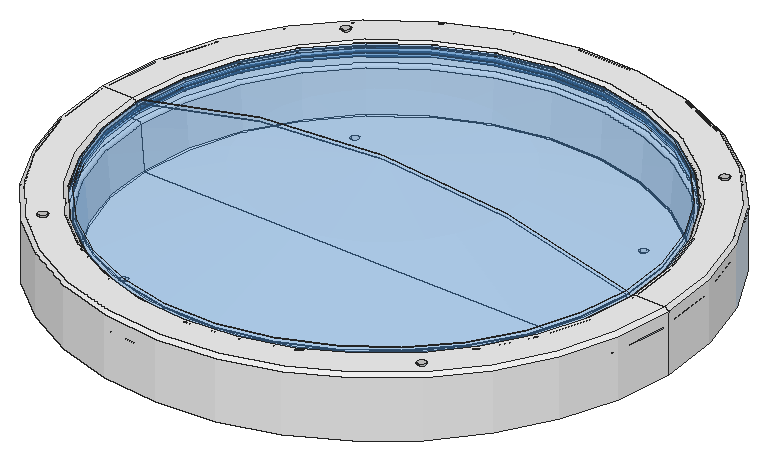
Revit family "BE_24230_de_DE", category Leuchten, Revit 2015
Parameters (values of type "BEGA_24230_Weiß_K4")
  built-in parameter 1150104 = 12.979 (stored number, unit not read)
  Wattage = 48.4 W
  Default Elevation = 0 mm
  built-in parameter 1150113 = 1 (stored number, unit not read)
  built-in parameter 1114218 = 1 (stored number, unit not read)
  Umgebungstemperatur = "25 °C"
  URL = "http://www.bega.de/produkt/24230"
  Typenkommentare = "© 2017 BEGA. Wir behalten uns das Recht vor, technische Änderungen ohne vorherige Ankündigung vorzunehmen."  # constant formula
  Type Image = 24230.png
  built-in parameter 1150134 = 12
  built-in parameter 1150109 = 1 (stored number, unit not read)
  Strom = ""
  built-in parameter 1150110 = 1 (stored number, unit not read)
  Spannung = 239.996 V
  Sonderanfertigung = no
  Seriennummer [instance] = "Hier können Sie die eindeutige Seriennummer für das Facility Management eintragen."
  Schutzklasse = "I"
  Schutzart = "IP 65"
  Scheinlast = 0 VA
  Produktdatenblatt = "http://www.bega.de/download/Xrfa/db/24230.db.de.pdf"
  Oberflächentemperatur = ""
  Neigungswinkel = 0.00°
  Modell = "24230WK4"
  Material_17 = BEGA_Reflektor
  Material_15 = BEGA_Leuchtmedium_matt
  Material_13 = BEGA_Kunststoff_matt
  Material_11 = BEGA_Glas_opal
  Material_09 = BEGA_Glas_klar
  Material_06 = BEGA_Oberfläche_Edelstahl_gebürstet
  Material_03 = BEGA_Oberfläche_Weiss_matt
  Material_02 = BEGA_Oberfläche_Silber_matt
  Material_01 [instance] = BEGA_Oberfläche_Grafit_matt
  M_W = yes
  M_G = no
  M_A = no
  Logo = 0
  built-in parameter 1114217 = 1 (stored number, unit not read)
  built-in parameter 1150139 = (empty or 0)
  built-in parameter 1150105 = 2300.4 (stored number, unit not read)
  built-in parameter 1150114 = 1 (stored number, unit not read)
  Lumens = 6761.48 lm
  built-in parameter 1150115 = 1 (stored number, unit not read)
  Leuchtenlichtstrom = "5355 lm"
  Leuchtenanzahl = ""
  Lebensdauerkriterien = "L70B50 @ 25 °C = 500000 h"
  Lastklassifizierung = Beleuchtung
  built-in parameter 1150112 = 1 (stored number, unit not read)
  Lampenlichtstrom = "6760 lm"
  Lampe = "LED 48.4 W"
  LED_Modulbezeichnung = "4x LED-0567/840"
  built-in parameter 1150142 = (empty or 0)
  Hersteller = "BEGA"  # constant formula
  Halbstreuwinkel = ""
  Gewicht = "9.4 kg"
  Gebrauchslageneinschränkung [instance] = ""
  Frequenz = "0/50-60 Hz"
  Farbwiedergabeindex = "Ra > 80"
  Farbtemperaturverschiebung bei Dämpfen der Lampe = <Keine Auswahl>
  Farbtemperatur = "4000 K"
  Color Filter = 16777215
  built-in parameter 1150133 = 10 (stored number, unit not read)
  Energieeffizienzklasse = "LED A++ - A"
  built-in parameter 1150137 = (empty or 0)
  built-in parameter 1150132 = (empty or 0)
  ENEC = ""
  Dimmbar [instance] = "DALI"
  Datei für fotometrisches Netz = "BE_24230K4.IES"
  CE_Konformität = "ja"
  Bestellnummer = "24230WK4"
  Beschreibung_Sonderanfertigung = "Hier können Sie Informationen zur Sonderanfertigung eintragen."
  Beschreibung = "Großflächenleuchte"
  built-in parameter 1150106 = 23.004 (stored number, unit not read)
  Befestigungsbohrung = "Ø 9,2 mm"
  Befestigungsabstand = "340 x 340 mm"
  Ballwurfsicher = ""
  BEGA_Intern_aus = yes
  BEGA_Intern_an = yes
  BEGA_Intern_Konstruktion = yes
  BEGA_Intern = yes
  BEGA_IES = yes
  BEGA_Dummy = no
  Anschlussleitung = ""
  Anschlussleistung [instance] = "55 W"
  Anschlusskasten = ""
  built-in parameter 1150107 = 4000 (stored number, unit not read)
  built-in parameter 1150102 = (empty or 0)
  built-in parameter 1150138 = (empty or 0)
  Aktualisierung = "2017-07-13T04:09:10"
  Abstand_zur_angestrahlten_Fläche [instance] = ""
  AC/DC = "AC/DC"
Types (6, lengths in mm): name | built-in parameter 1150104 | Wattage | built-in parameter 1150134 | Modell | M_W | M_G | M_A | built-in parameter 1150105 | Lumens | LED_Modulbezeichnung | Farbtemperatur | Datei für fotometrisches Netz | Bestellnummer | built-in parameter 1150106 | built-in parameter 1150107
  BEGA_24230_Grafit_K3 | 12.979 (stored number, unit not read) | 48.4 W | (empty or 0) | "24230" | no | yes | no | 2300.4 (stored number, unit not read) | 6761.48 lm | "4x LED-0567/830" | "3000 K" | "BE_24230.IES" | "24230" | 23.004 (stored number, unit not read) | 3000 (stored number, unit not read)
  BEGA_24230_Weiß_K3 | 12.979 (stored number, unit not read) | 48.4 W | (empty or 0) | "24230W" | yes | no | no | 2300.4 (stored number, unit not read) | 6761.48 lm | "4x LED-0567/830" | "3000 K" | "BE_24230.IES" | "24230W" | 23.004 (stored number, unit not read) | 3000 (stored number, unit not read)
  BEGA_24230_Grafit_K4 | 13.8 (stored number, unit not read) | 0 W | 12 | "24230K4" | no | yes | no | (empty or 0) | 0 lm | "4x LED-0567/840" | "4000 K" | "BE_24230K4.IES" | "24230K4" | (empty or 0) | 4000 (stored number, unit not read)
  BEGA_24230_Silber_K4 | 12.979 (stored number, unit not read) | 48.4 W | 12 | "24230AK4" | no | no | yes | 2300.4 (stored number, unit not read) | 6761.48 lm | "4x LED-0567/840" | "4000 K" | "BE_24230K4.IES" | "24230AK4" | 23.004 (stored number, unit not read) | 4000 (stored number, unit not read)
  BEGA_24230_Weiß_K4 | 12.979 (stored number, unit not read) | 48.4 W | 12 | "24230WK4" | yes | no | no | 2300.4 (stored number, unit not read) | 6761.48 lm | "4x LED-0567/840" | "4000 K" | "BE_24230K4.IES" | "24230WK4" | 23.004 (stored number, unit not read) | 4000 (stored number, unit not read)
  BEGA_24230_Silber_K3 | 12.979 (stored number, unit not read) | 48.4 W | (empty or 0) | "24230A" | no | no | yes | 2300.4 (stored number, unit not read) | 6761.48 lm | "4x LED-0567/830" | "3000 K" | "BE_24230.IES" | "24230A" | 23.004 (stored number, unit not read) | 3000 (stored number, unit not read)
Reference planes
  plane 1 "Mitte (Vorne/Hinten)": y = 0
  plane 2: z = 0
  plane 3 "Mitte (Links/Rechts)": x = 0
  plane 4 "Links": x = -335
  plane 5 "Rechts": x = 335
  plane 6 "Unten": y = -335
  plane 7 "Oben": y = 335
  plane 8 "Vorne": z = 121.545
  plane 9 "Hinten": z = 0
Forms (mm)
  Extrusion 1, solid, material "BEGA_Platte_Weiss"
    sketch origin (0, -1119.2, 0) x (1, 0, 0) y (0, 1, 0)
      loop
        line (-200, 1319.2) -> (-200, 919.2) -> (200, 919.2) -> (200, 1319.2) -> (-200, 1319.2)
    from 0 to -10
  Extrusion 2, solid, material "BEGA_Dummy_matt", visible <- "BEGA_Dummy"
    sketch origin (77.149, -76.023, 0) x (1, 0, 0) y (0, 1, 0)
      loop
        circle (-77.149, 76.023) r 335
    from 0 to 121.545
Dimensions and locks
  plane 1 "Mitte (Vorne/Hinten)" to Extrusion 1 = 200 mm
  aligned and locked: plane 2 to Extrusion 1
  aligned and locked: level to Extrusion 1
Nested families
  nested 1: "BE_24230" at (0, 0, 0), type "BE_24230"
Connectors
  electrical at (0, 0, 0), driven by "Lastklassifizierung", driven by "Spannung", driven by "Scheinlast"
    settings: index 1, voltage 239.996 V, apparent load 0 VA, apparent load phase1 0 VA, apparent load phase2 0 VA, apparent load phase3 0 VA, power factor 1, load classification "Beleuchtung", number of poles 1, system type 31, power factor state 1, is connector primary yes, connector utility no, sub classification motor no, connector description ""
Definition of nested family "BE_24230"
  Parameters (values of type "BE_24230")
    Default Elevation = 1 mm
    URL = "http://www.bega.de/de/produkt"
    Type Comments = "© 2015 BEGA. Wir behalten uns das Recht vor, technische Änderungen ohne vorherige Ankündigung vorzunehmen. "  # constant formula
    Type Image = (empty or 0)
    Neigungswinkel_um_Z2 = 0.00°
    Neigungswinkel_um_Z1 = 0.00°
    Neigungswinkel_um_Y2 = 0.00°
    Neigungswinkel_um_Y1 = 0.00°
    Neigungswinkel_um_X2 = 0.00°
    Neigungswinkel_um_X1 = 0.00°
    Material_17 = none
    Material_15 = none
    Material_13 = none
    Material_11 = none
    Material_09 = none
    Material_06 = none
    Material_03 = none
    Material_02 = none
    Material_01 = none
    M_W = yes
    M_G = yes
    M_A = yes
    Länge_Platte = 800 mm  # constant formula
    Höhe_Platte = -10 mm  # constant formula
    Manufacturer = "BEGA"  # constant formula
    Drehwinkel_um_Z2 = 0.00°
    Drehwinkel_um_Z1 = 0.00°
    Breite_Platte = 800 mm  # constant formula
  Reference planes
    plane 1 "Mitte (Oben/Unten)": y = 0
    plane 2: z = 0
    plane 3 "Mitte (Links/Rechts)": x = 0
    plane 4: x = -335
    plane 5: x = 335
    plane 6: z = 121.545
    plane 7: y = -335
    plane 8: y = 335
  Forms (mm)
    Extrusion 1, solid, detail levels medium
      sketch origin (0, 0, 0) x (1, 0, 0) y (0, 1, 0)
        loop
          line (-400, 400) -> (-400, -400) -> (400, -400) -> (400, 400) -> (-400, 400)
      from 0 to -10 <- "Höhe_Platte"
    Revolve 2, solid, material <- "Material_01", visible <- "M_G", detail levels medium+fine
      sketch origin (0, 0, 0) x (1, 0, 0) y (0, 0, 1)
        loop
          arc (-330, 58.996) -> (-328.532, 55.461) -> (-324.996, 54) r 5
          line (-324.996, 54) -> (-290.164, 54)
          arc (-290.164, 54) -> (-289.505, 53.752) -> (-289.173, 53.131) r 1
          line (-289.173, 53.131) -> (-285.107, 6.651)
          arc (-285.107, 6.651) -> (-283.827, 4.054) -> (-281.13, 3) r 4
          line (-281.13, 3) -> (0, 3) -> (0, 6) -> (-281.124, 6)
          arc (-281.124, 6) -> (-281.798, 6.263) -> (-282.118, 6.913) r 1
          line (-282.118, 6.913) -> (-286.181, 53.349)
          arc (-286.181, 53.349) -> (-287.46, 55.946) -> (-290.157, 57) r 4
          line (-290.157, 57) -> (-325, 57)
          arc (-325, 57) -> (-326.414, 57.586) -> (-327, 59) r 2
          line (-327, 59) -> (-327, 61)
          arc (-327, 61) -> (-327.293, 61.707) -> (-328, 62) r 1
          line (-328, 62) -> (-329, 62)
          arc (-329, 62) -> (-329.707, 61.707) -> (-330, 61) r 1
          line (-330, 61) -> (-330, 58.996)
        axis (0, 3) -> (0, 62)
      angle from 0 to 360
    Revolve 3, solid, material <- "Material_01", visible <- "M_G", detail levels medium+fine
      sketch origin (0, 169.706, 0) x (1, 0, 0) y (0, 0, 1)
        loop
          arc (-190.877, 1.172) -> (-189.579, 0.304) -> (-188.049, 0) r 4
          line (-188.049, 0) -> (-169.706, 0) -> (-169.706, 3) -> (-194.362, 3)
          arc (-194.362, 3) -> (-192.84, 2.699) -> (-191.546, 1.841) r 4
          line (-191.546, 1.841) -> (-190.877, 1.172)
        axis (-169.706, 3) -> (-169.706, 0)
      angle from 0 to 360
    Extrusion 4, void
      sketch origin (0, 0, 0) x (1, 0, 0) y (0, 1, 0)
        loop
          circle (-169.706, 169.706) r 4.6
      from 0 to 12.357
    Revolve 5, solid, material <- "Material_01", visible <- "M_G", detail levels medium+fine
      sketch origin (0, 169.706, 0) x (-1, 0, 0) y (0, 0, -1)
        loop
          line (-190.877, -1.172) -> (-191.546, -1.841)
          arc (-191.546, -1.841) -> (-192.84, -2.699) -> (-194.362, -3) r 4
          line (-194.362, -3) -> (-169.706, -3) -> (-169.706, 0) -> (-188.049, 0)
          arc (-188.049, 0) -> (-189.579, -0.304) -> (-190.877, -1.172) r 4
        axis (-169.706, -3) -> (-169.706, 0)
      angle from 0 to 360
    Extrusion 6, void
      sketch origin (0, 0, 0) x (-1, 0, 0) y (0, -1, 0)
        loop
          circle (-169.706, -169.706) r 4.6
      from 0 to 12.357
    Revolve 7, solid, material <- "Material_01", visible <- "M_G", detail levels medium+fine
      sketch origin (0, -169.706, 0) x (1, 0, 0) y (0, 0, -1)
        loop
          line (-190.877, -1.172) -> (-191.546, -1.841)
          arc (-191.546, -1.841) -> (-192.84, -2.699) -> (-194.362, -3) r 4
          line (-194.362, -3) -> (-169.706, -3) -> (-169.706, 0) -> (-188.049, 0)
          arc (-188.049, 0) -> (-189.579, -0.304) -> (-190.877, -1.172) r 4
        axis (-169.706, -3) -> (-169.706, 0)
      angle from 0 to 360
    Extrusion 8, void
      sketch origin (0, 0, 0) x (1, 0, 0) y (0, 1, 0)
        loop
          circle (-169.706, -169.706) r 4.6
      from 0 to 12.357
    Revolve 9, solid, material <- "Material_01", visible <- "M_G", detail levels medium+fine
      sketch origin (0, -169.706, 0) x (-1, 0, 0) y (0, 0, 1)
        loop
          arc (-190.877, 1.172) -> (-189.579, 0.304) -> (-188.049, 0) r 4
          line (-188.049, 0) -> (-169.706, 0) -> (-169.706, 3) -> (-194.362, 3)
          arc (-194.362, 3) -> (-192.84, 2.699) -> (-191.546, 1.841) r 4
          line (-191.546, 1.841) -> (-190.877, 1.172)
        axis (-169.706, 3) -> (-169.706, 0)
      angle from 0 to 360
    Extrusion 10, void
      sketch origin (0, 0, 0) x (-1, 0, 0) y (0, -1, 0)
        loop
          circle (-169.706, 169.706) r 4.6
      from 0 to 12.357
    Revolve 11, solid, material <- "Material_01", visible <- "M_G", detail levels medium+fine
      sketch origin (0, 0, 0) x (1, 0, 0) y (0, 0, 1)
        loop
          line (-335, 74.926) -> (-335, 9) -> (-332, 9) -> (-332, 75)
          arc (-332, 75) -> (-331.707, 75.707) -> (-331, 76) r 1
          line (-331, 76) -> (-294.847, 75.988)
          arc (-294.847, 75.988) -> (-294.241, 75.651) -> (-294, 75) r 1
          line (-294, 75) -> (-294, 69.5) -> (-291, 69.5) -> (-291, 75) -> (-295, 79) -> (-330.926, 79) -> (-335, 74.926)
        axis (0, 9) -> (0, 79)
      angle from 0 to 360
    Revolve 12, solid, material <- "Material_13", detail levels medium+fine
      sketch origin (0, 0, 0) x (1, 0, 0) y (0, 0, 1)
        loop
          arc (0, 121.548) -> (-144.373, 111.07) -> (-285.722, 79.858) r 999.994
          arc (-285.722, 79.858) -> (-288.728, 77.811) -> (-290, 74.403) r 6
          line (-290, 74.403) -> (-290, 68.4)
          arc (-290, 68.4) -> (-290.586, 66.986) -> (-292, 66.4) r 2
          line (-292, 66.4) -> (-302, 66.4) -> (-302, 62.4) -> (-293, 62.4)
          arc (-293, 62.4) -> (-288.05, 64.453) -> (-286, 69.403) r 7
          line (-286, 69.403) -> (-286, 74.914)
          arc (-286, 74.914) -> (-285.786, 75.476) -> (-285.288, 75.813) r 1
          arc (-285.288, 75.813) -> (-144.162, 107.058) -> (0, 117.546) r 995.993
          line (0, 117.546) -> (0, 121.548)
        axis (0, 62.4) -> (0, 121.548)
      angle from 0 to 360
    Revolve 13, void
      sketch origin (0, 0, 27.13) x (1, 0, 0) y (0, 1, 0)
        loop
          line (246.242, -114.825) -> (244.425, -118.722) -> (280.031, -135.325) -> (281.848, -131.428) -> (246.242, -114.825)
        axis (246.242, -114.825) -> (281.848, -131.428)
      angle from 0 to 360
    Revolve 14, void
      sketch origin (-16.646, 23.773, 27.13) x (0.996195, 0.087156, 0) y (-0.087156, 0.996195, 0)
        loop
          line (235.001, -179.522) -> (232.534, -183.044) -> (264.716, -205.578) -> (267.182, -202.056) -> (235.001, -179.522)
        axis (235.001, -179.522) -> (267.182, -202.056)
      angle from 0 to 360
    Extrusion 15, void
      sketch origin (0, 0, 0) x (1, 0, 0) y (0, 1, 0)
        loop
          circle (222.739, 222.739) r 5.5
        loop
          circle (-222.739, 222.739) r 5.5
        loop
          circle (222.739, -222.739) r 5.5
        loop
          circle (-222.739, -222.739) r 5.5
      from 76.289 to 83.761
    Extrusion 16, solid, material <- "Material_06", detail levels fine
      sketch origin (0, 0, 0) x (1, 0, 0) y (0, 1, 0)
        loop
          circle (222.739, 222.739) r 4.5
        loop
          circle (-222.739, 222.739) r 4.5
        loop
          circle (222.739, -222.739) r 4.5
        loop
          circle (-222.739, -222.739) r 4.5
      from 76.289 to 80
    Revolve 17, solid, material <- "Material_02", visible <- "M_A", detail levels medium+fine
      sketch origin (0, 0, 0) x (1, 0, 0) y (0, 0, 1)
        loop
          arc (-330, 58.996) -> (-328.532, 55.461) -> (-324.996, 54) r 5
          line (-324.996, 54) -> (-290.164, 54)
          arc (-290.164, 54) -> (-289.505, 53.752) -> (-289.173, 53.131) r 1
          line (-289.173, 53.131) -> (-285.107, 6.651)
          arc (-285.107, 6.651) -> (-283.827, 4.054) -> (-281.13, 3) r 4
          line (-281.13, 3) -> (0, 3) -> (0, 6) -> (-281.124, 6)
          arc (-281.124, 6) -> (-281.798, 6.263) -> (-282.118, 6.913) r 1
          line (-282.118, 6.913) -> (-286.181, 53.349)
          arc (-286.181, 53.349) -> (-287.46, 55.946) -> (-290.157, 57) r 4
          line (-290.157, 57) -> (-325, 57)
          arc (-325, 57) -> (-326.414, 57.586) -> (-327, 59) r 2
          line (-327, 59) -> (-327, 61)
          arc (-327, 61) -> (-327.293, 61.707) -> (-328, 62) r 1
          line (-328, 62) -> (-329, 62)
          arc (-329, 62) -> (-329.707, 61.707) -> (-330, 61) r 1
          line (-330, 61) -> (-330, 58.996)
        axis (0, 3) -> (0, 62)
      angle from 0 to 360
    Revolve 18, solid, material <- "Material_02", visible <- "M_A", detail levels medium+fine
      sketch origin (0, 169.706, 0) x (1, 0, 0) y (0, 0, 1)
        loop
          arc (-190.877, 1.172) -> (-189.579, 0.304) -> (-188.049, 0) r 4
          line (-188.049, 0) -> (-169.706, 0) -> (-169.706, 3) -> (-194.362, 3)
          arc (-194.362, 3) -> (-192.84, 2.699) -> (-191.546, 1.841) r 4
          line (-191.546, 1.841) -> (-190.877, 1.172)
        axis (-169.706, 3) -> (-169.706, 0)
      angle from 0 to 360
    Revolve 19, solid, material <- "Material_02", visible <- "M_A", detail levels medium+fine
      sketch origin (0, 169.706, 0) x (-1, 0, 0) y (0, 0, -1)
        loop
          line (-190.877, -1.172) -> (-191.546, -1.841)
          arc (-191.546, -1.841) -> (-192.84, -2.699) -> (-194.362, -3) r 4
          line (-194.362, -3) -> (-169.706, -3) -> (-169.706, 0) -> (-188.049, 0)
          arc (-188.049, 0) -> (-189.579, -0.304) -> (-190.877, -1.172) r 4
        axis (-169.706, -3) -> (-169.706, 0)
      angle from 0 to 360
    Revolve 20, solid, material <- "Material_02", visible <- "M_A", detail levels medium+fine
      sketch origin (0, -169.706, 0) x (1, 0, 0) y (0, 0, -1)
        loop
          line (-190.877, -1.172) -> (-191.546, -1.841)
          arc (-191.546, -1.841) -> (-192.84, -2.699) -> (-194.362, -3) r 4
          line (-194.362, -3) -> (-169.706, -3) -> (-169.706, 0) -> (-188.049, 0)
          arc (-188.049, 0) -> (-189.579, -0.304) -> (-190.877, -1.172) r 4
        axis (-169.706, -3) -> (-169.706, 0)
      angle from 0 to 360
    Revolve 21, solid, material <- "Material_02", visible <- "M_A", detail levels medium+fine
      sketch origin (0, -169.706, 0) x (-1, 0, 0) y (0, 0, 1)
        loop
          arc (-190.877, 1.172) -> (-189.579, 0.304) -> (-188.049, 0) r 4
          line (-188.049, 0) -> (-169.706, 0) -> (-169.706, 3) -> (-194.362, 3)
          arc (-194.362, 3) -> (-192.84, 2.699) -> (-191.546, 1.841) r 4
          line (-191.546, 1.841) -> (-190.877, 1.172)
        axis (-169.706, 3) -> (-169.706, 0)
      angle from 0 to 360
    Revolve 22, solid, material <- "Material_03", visible <- "M_W", detail levels medium+fine
      sketch origin (0, 0, 0) x (1, 0, 0) y (0, 0, 1)
        loop
          arc (-330, 58.996) -> (-328.532, 55.461) -> (-324.996, 54) r 5
          line (-324.996, 54) -> (-290.164, 54)
          arc (-290.164, 54) -> (-289.505, 53.752) -> (-289.173, 53.131) r 1
          line (-289.173, 53.131) -> (-285.107, 6.651)
          arc (-285.107, 6.651) -> (-283.827, 4.054) -> (-281.13, 3) r 4
          line (-281.13, 3) -> (0, 3) -> (0, 6) -> (-281.124, 6)
          arc (-281.124, 6) -> (-281.798, 6.263) -> (-282.118, 6.913) r 1
          line (-282.118, 6.913) -> (-286.181, 53.349)
          arc (-286.181, 53.349) -> (-287.46, 55.946) -> (-290.157, 57) r 4
          line (-290.157, 57) -> (-325, 57)
          arc (-325, 57) -> (-326.414, 57.586) -> (-327, 59) r 2
          line (-327, 59) -> (-327, 61)
          arc (-327, 61) -> (-327.293, 61.707) -> (-328, 62) r 1
          line (-328, 62) -> (-329, 62)
          arc (-329, 62) -> (-329.707, 61.707) -> (-330, 61) r 1
          line (-330, 61) -> (-330, 58.996)
        axis (0, 3) -> (0, 62)
      angle from 0 to 360
    Revolve 23, solid, material <- "Material_03", visible <- "M_W", detail levels medium+fine
      sketch origin (0, 169.706, 0) x (1, 0, 0) y (0, 0, 1)
        loop
          arc (-190.877, 1.172) -> (-189.579, 0.304) -> (-188.049, 0) r 4
          line (-188.049, 0) -> (-169.706, 0) -> (-169.706, 3) -> (-194.362, 3)
          arc (-194.362, 3) -> (-192.84, 2.699) -> (-191.546, 1.841) r 4
          line (-191.546, 1.841) -> (-190.877, 1.172)
        axis (-169.706, 3) -> (-169.706, 0)
      angle from 0 to 360
    Revolve 24, solid, material <- "Material_03", visible <- "M_W", detail levels medium+fine
      sketch origin (0, 169.706, 0) x (-1, 0, 0) y (0, 0, -1)
        loop
          line (-190.877, -1.172) -> (-191.546, -1.841)
          arc (-191.546, -1.841) -> (-192.84, -2.699) -> (-194.362, -3) r 4
          line (-194.362, -3) -> (-169.706, -3) -> (-169.706, 0) -> (-188.049, 0)
          arc (-188.049, 0) -> (-189.579, -0.304) -> (-190.877, -1.172) r 4
        axis (-169.706, -3) -> (-169.706, 0)
      angle from 0 to 360
    Revolve 25, solid, material <- "Material_03", visible <- "M_W", detail levels medium+fine
      sketch origin (0, -169.706, 0) x (1, 0, 0) y (0, 0, -1)
        loop
          line (-190.877, -1.172) -> (-191.546, -1.841)
          arc (-191.546, -1.841) -> (-192.84, -2.699) -> (-194.362, -3) r 4
          line (-194.362, -3) -> (-169.706, -3) -> (-169.706, 0) -> (-188.049, 0)
          arc (-188.049, 0) -> (-189.579, -0.304) -> (-190.877, -1.172) r 4
        axis (-169.706, -3) -> (-169.706, 0)
      angle from 0 to 360
    Revolve 26, solid, material <- "Material_03", visible <- "M_W", detail levels medium+fine
      sketch origin (0, -169.706, 0) x (-1, 0, 0) y (0, 0, 1)
        loop
          arc (-190.877, 1.172) -> (-189.579, 0.304) -> (-188.049, 0) r 4
          line (-188.049, 0) -> (-169.706, 0) -> (-169.706, 3) -> (-194.362, 3)
          arc (-194.362, 3) -> (-192.84, 2.699) -> (-191.546, 1.841) r 4
          line (-191.546, 1.841) -> (-190.877, 1.172)
        axis (-169.706, 3) -> (-169.706, 0)
      angle from 0 to 360
    Revolve 27, solid, material <- "Material_02", visible <- "M_A", detail levels medium+fine
      sketch origin (0, 0, 0) x (1, 0, 0) y (0, 0, 1)
        loop
          line (-335, 74.926) -> (-335, 9) -> (-332, 9) -> (-332, 75)
          arc (-332, 75) -> (-331.707, 75.707) -> (-331, 76) r 1
          line (-331, 76) -> (-294.847, 75.988)
          arc (-294.847, 75.988) -> (-294.241, 75.651) -> (-294, 75) r 1
          line (-294, 75) -> (-294, 69.5) -> (-291, 69.5) -> (-291, 75) -> (-295, 79) -> (-330.926, 79) -> (-335, 74.926)
        axis (0, 9) -> (0, 79)
      angle from 0 to 360
    Revolve 28, solid, material <- "Material_03", visible <- "M_W", detail levels medium+fine
      sketch origin (0, 0, 0) x (1, 0, 0) y (0, 0, 1)
        loop
          line (-335, 74.926) -> (-335, 9) -> (-332, 9) -> (-332, 75)
          arc (-332, 75) -> (-331.707, 75.707) -> (-331, 76) r 1
          line (-331, 76) -> (-294.847, 75.988)
          arc (-294.847, 75.988) -> (-294.241, 75.651) -> (-294, 75) r 1
          line (-294, 75) -> (-294, 69.5) -> (-291, 69.5) -> (-291, 75) -> (-295, 79) -> (-330.926, 79) -> (-335, 74.926)
        axis (0, 9) -> (0, 79)
      angle from 0 to 360
  Cuts and joins
    Extrusion 4, Extrusion 6, Extrusion 8, Extrusion 10, Revolve 13, Revolve 14, Extrusion 15 cuts Revolve 2
    Extrusion 4, Extrusion 6, Extrusion 8, Extrusion 10, Revolve 13, Revolve 14, Extrusion 15 cuts Revolve 3
    Extrusion 6, Extrusion 10, Revolve 13, Revolve 14, Extrusion 15 cuts Revolve 5
    Extrusion 8, Revolve 13, Revolve 14, Extrusion 15 cuts Revolve 7
    Extrusion 10, Revolve 13, Revolve 14, Extrusion 15 cuts Revolve 9
    joined: Revolve 2, Revolve 3, Revolve 5, Revolve 7, Revolve 9
    Extrusion 15 cuts Revolve 11
    Extrusion 4, Extrusion 6, Extrusion 8, Extrusion 10, Revolve 13, Revolve 14 cuts Revolve 17
    Extrusion 4 cuts Revolve 18
    Extrusion 6 cuts Revolve 19
    Extrusion 8 cuts Revolve 20
    Extrusion 10 cuts Revolve 21
    joined: Revolve 17, Revolve 18, Revolve 19, Revolve 20, Revolve 21
    Extrusion 4, Extrusion 6, Extrusion 8, Extrusion 10, Revolve 13, Revolve 14 cuts Revolve 22
    Extrusion 4 cuts Revolve 23
    Extrusion 6 cuts Revolve 24
    Extrusion 8 cuts Revolve 25
    Extrusion 10 cuts Revolve 26
    joined: Revolve 22, Revolve 23, Revolve 24, Revolve 25, Revolve 26
    Extrusion 15 cuts Revolve 27
    Extrusion 15 cuts Revolve 28
  Dimensions and locks
    equal spacing: Extrusion 1 sketch curve, plane 3 "Mitte (Links/Rechts)", Extrusion 1 sketch curve
    equal spacing: Extrusion 1 sketch curve, plane 1 "Mitte (Oben/Unten)", Extrusion 1 sketch curve
    "Länge_Platte": Extrusion 1 sketch curve to Extrusion 1 sketch curve
    "Breite_Platte": Extrusion 1 sketch curve to Extrusion 1 sketch curve
    aligned and locked: Extrusion 1 to plane 2
    aligned and locked: level to Extrusion 1
  Automatic sketch dimensions
    Revolve 2 sketch curve to Revolve 2 sketch curve = 0 mm  (x17)
    Revolve 2 sketch curve to plane 3 "Mitte (Links/Rechts)" = 0 mm  (x2)
    level to Revolve 2 sketch curve = 7 mm
    Revolve 2 sketch curve to Revolve 2 sketch curve = 0.002 mm
    Revolve 2 sketch curve to Revolve 2 sketch curve = 0.006 mm
    Revolve 2 sketch curve to Revolve 2 sketch curve = 8.051 mm
    Revolve 2 sketch curve to Revolve 2 sketch curve = 0.984 mm
    Revolve 2 sketch curve to Revolve 2 sketch curve = 0.991 mm
    Revolve 2 sketch curve to Revolve 2 sketch curve = 0.001 mm
    Revolve 2 sketch curve to Revolve 2 sketch curve = 34.831 mm
    Revolve 2 sketch curve to Revolve 2 sketch curve = 0.004 mm
    Revolve 2 sketch curve to Revolve 2 sketch curve = 2 mm
    Revolve 2 sketch curve to Revolve 2 sketch curve = 1 mm  (x4)
    level to Revolve 2 sketch curve = 3 mm
    Revolve 2 sketch curve to Revolve 2 sketch curve = 46 mm
    Revolve 2 sketch curve to Revolve 2 sketch curve = 0.131 mm
    Revolve 2 sketch curve to Revolve 2 sketch curve = 3 mm
    Revolve 2 sketch curve to Revolve 2 sketch curve = 1.996 mm
    Revolve 2 sketch curve to Revolve 2 sketch curve = 2.004 mm
    Revolve 2 sketch curve to Revolve 2 sketch curve = 0.996 mm
    level to Revolve 2 sketch curve = 6.913 mm
    Revolve 2 sketch curve to Revolve 2 sketch curve = 2.989 mm
    level to Revolve 2 sketch curve = 6.651 mm
    Revolve 2 sketch curve to Revolve 2 sketch curve = 2.992 mm
    Revolve 3 sketch curve to level = 0 mm
    Revolve 3 sketch curve to level = 1 mm
    level to Revolve 3 sketch curve = 1.841 mm
    Revolve 3 sketch curve to Revolve 3 sketch curve = 2.816 mm
    Revolve 3 sketch curve to Revolve 3 sketch curve = 3.498 mm
    Revolve 3 sketch curve to Revolve 3 sketch curve = 18.343 mm
    Revolve 3 sketch curve to Revolve 3 sketch curve = 3 mm
    Revolve 3 sketch curve to Revolve 3 sketch curve = 4 mm
    Revolve 3 sketch curve to Revolve 3 sketch curve = 0 mm  (x3)
    level to Revolve 3 sketch curve = 1.172 mm
    Revolve 3 sketch curve to Revolve 3 sketch curve = 0.669 mm
    Revolve 3 sketch curve to level = 2 mm
    Revolve 3 sketch curve to Revolve 3 sketch curve = 2 mm
    Revolve 5 sketch curve to level = 0 mm
    Revolve 5 sketch curve to level = 1 mm
    level to Revolve 5 sketch curve = 1.841 mm
    Revolve 5 sketch curve to Revolve 5 sketch curve = 2.816 mm
    Revolve 5 sketch curve to Revolve 5 sketch curve = 3.498 mm
    Revolve 5 sketch curve to Revolve 5 sketch curve = 18.343 mm
    Revolve 5 sketch curve to Revolve 5 sketch curve = 3 mm
    Revolve 5 sketch curve to Revolve 5 sketch curve = 4 mm
    Revolve 5 sketch curve to Revolve 5 sketch curve = 0 mm  (x3)
    level to Revolve 5 sketch curve = 1.172 mm
    Revolve 5 sketch curve to Revolve 5 sketch curve = 0.669 mm
    Revolve 5 sketch curve to Revolve 5 sketch curve = 2 mm
    Revolve 5 sketch curve to level = 2 mm
    Revolve 7 sketch curve to level = 0 mm
    Revolve 7 sketch curve to level = 1 mm
    level to Revolve 7 sketch curve = 1.841 mm
    Revolve 7 sketch curve to Revolve 7 sketch curve = 2.816 mm
    Revolve 7 sketch curve to Revolve 7 sketch curve = 3.498 mm
    Revolve 7 sketch curve to Revolve 7 sketch curve = 18.343 mm
    Revolve 7 sketch curve to Revolve 7 sketch curve = 3 mm
    Revolve 7 sketch curve to Revolve 7 sketch curve = 4 mm
    Revolve 7 sketch curve to Revolve 7 sketch curve = 0 mm  (x3)
    level to Revolve 7 sketch curve = 1.172 mm
    Revolve 7 sketch curve to Revolve 7 sketch curve = 0.669 mm
    Revolve 7 sketch curve to Revolve 7 sketch curve = 2 mm
    Revolve 7 sketch curve to level = 2 mm
    Revolve 9 sketch curve to level = 0 mm
    Revolve 9 sketch curve to level = 1 mm
    level to Revolve 9 sketch curve = 1.841 mm
    Revolve 9 sketch curve to Revolve 9 sketch curve = 2.816 mm
    Revolve 9 sketch curve to Revolve 9 sketch curve = 3.498 mm
    Revolve 9 sketch curve to Revolve 9 sketch curve = 18.343 mm
    Revolve 9 sketch curve to Revolve 9 sketch curve = 3 mm
    Revolve 9 sketch curve to Revolve 9 sketch curve = 4 mm
    Revolve 9 sketch curve to Revolve 9 sketch curve = 0 mm  (x3)
    level to Revolve 9 sketch curve = 1.172 mm
    Revolve 9 sketch curve to Revolve 9 sketch curve = 0.669 mm
    Revolve 9 sketch curve to level = 2 mm
    Revolve 9 sketch curve to Revolve 9 sketch curve = 2 mm
    Revolve 11 sketch curve to plane 3 "Mitte (Links/Rechts)" = 0 mm
    Revolve 11 sketch curve to Revolve 11 sketch curve = 3 mm  (x3)
    Revolve 11 sketch curve to Revolve 11 sketch curve = 3.847 mm
    Revolve 11 sketch curve to Revolve 11 sketch curve = 0.153 mm  (x2)
    Revolve 11 sketch curve to Revolve 11 sketch curve = 35.926 mm
    Revolve 11 sketch curve to Revolve 11 sketch curve = 0.074 mm  (x2)
    Revolve 11 sketch curve to Revolve 11 sketch curve = 0 mm  (x3)
    level to Revolve 11 sketch curve = 9 mm
    Revolve 11 sketch curve to Revolve 11 sketch curve = 1 mm
    level to Revolve 11 sketch curve = 69.5 mm
    Revolve 11 sketch curve to Revolve 11 sketch curve = 5.426 mm
    Revolve 11 sketch curve to Revolve 11 sketch curve = 5.5 mm
    Revolve 11 sketch curve to Revolve 11 sketch curve = 0.988 mm
    level to Revolve 11 sketch curve = 29.5 mm
    Revolve 11 sketch curve to Revolve 11 sketch curve = 15 mm
    Revolve 11 sketch curve to Revolve 11 sketch curve = 0.012 mm  (x2)
    Revolve 12 sketch curve to plane 3 "Mitte (Links/Rechts)" = 0 mm  (x2)
    Revolve 12 sketch curve to Revolve 12 sketch curve = 0.994 mm
    Revolve 12 sketch curve to Revolve 12 sketch curve = 1.993 mm
    Revolve 12 sketch curve to Revolve 12 sketch curve = 4 mm  (x2)
    Revolve 12 sketch curve to Revolve 12 sketch curve = 2 mm  (x2)
    Revolve 12 sketch curve to Revolve 12 sketch curve = 1 mm  (x2)
    Revolve 12 sketch curve to Revolve 12 sketch curve = 9 mm
    plane 3 "Mitte (Links/Rechts)" to Revolve 12 sketch curve = 0 mm
    Revolve 12 sketch curve to Revolve 12 sketch curve = 0.006 mm
    Revolve 12 sketch curve to level = 878.447 mm
    Revolve 12 sketch curve to Revolve 12 sketch curve = 0 mm  (x7)
    level to Revolve 12 sketch curve = 62.4 mm
    Revolve 12 sketch curve to Revolve 12 sketch curve = 1.003 mm
    Revolve 12 sketch curve to Revolve 12 sketch curve = 4.706 mm
    Revolve 12 sketch curve to Revolve 12 sketch curve = 5 mm
    Revolve 12 sketch curve to Revolve 12 sketch curve = 0.747 mm
    Revolve 12 sketch curve to Revolve 12 sketch curve = 0.059 mm
    Revolve 12 sketch curve to Revolve 12 sketch curve = 4.002 mm
    Revolve 12 sketch curve to Revolve 12 sketch curve = 21.146 mm
    Revolve 12 sketch curve to Revolve 12 sketch curve = 14.852 mm
    Revolve 13 sketch curve to Revolve 13 sketch curve = 1.817 mm
    Revolve 13 sketch curve to Revolve 13 sketch curve = 35.606 mm
    Revolve 13 sketch curve to Revolve 13 sketch curve = 3.897 mm
    Revolve 13 sketch curve to Revolve 13 sketch curve = 14.241 mm
    Revolve 13 sketch curve to Revolve 13 sketch curve = 0 mm  (x2)
    Revolve 13 sketch curve to Revolve 13 sketch curve = 6.641 mm
    Revolve 14 sketch curve to Revolve 14 sketch curve = 2.466 mm
    Revolve 14 sketch curve to Revolve 14 sketch curve = 32.182 mm
    Revolve 14 sketch curve to Revolve 14 sketch curve = 19.012 mm
    Revolve 14 sketch curve to Revolve 14 sketch curve = 12.872 mm
    Revolve 14 sketch curve to Revolve 14 sketch curve = 0 mm  (x2)
    Revolve 14 sketch curve to Revolve 14 sketch curve = 9.013 mm
    Revolve 17 sketch curve to Revolve 17 sketch curve = 0 mm  (x17)
    Revolve 17 sketch curve to plane 3 "Mitte (Links/Rechts)" = 0 mm  (x2)
    level to Revolve 17 sketch curve = 7 mm
    Revolve 17 sketch curve to Revolve 17 sketch curve = 0.002 mm
    Revolve 17 sketch curve to Revolve 17 sketch curve = 0.006 mm
    Revolve 17 sketch curve to Revolve 17 sketch curve = 8.051 mm
    Revolve 17 sketch curve to Revolve 17 sketch curve = 0.984 mm
    Revolve 17 sketch curve to Revolve 17 sketch curve = 0.991 mm
    Revolve 17 sketch curve to Revolve 17 sketch curve = 0.001 mm
    Revolve 17 sketch curve to Revolve 17 sketch curve = 34.831 mm
    Revolve 17 sketch curve to Revolve 17 sketch curve = 0.004 mm
    Revolve 17 sketch curve to Revolve 17 sketch curve = 2 mm
    Revolve 17 sketch curve to Revolve 17 sketch curve = 1 mm  (x4)
    level to Revolve 17 sketch curve = 3 mm
    Revolve 17 sketch curve to Revolve 17 sketch curve = 46 mm
    Revolve 17 sketch curve to Revolve 17 sketch curve = 0.131 mm
    Revolve 17 sketch curve to Revolve 17 sketch curve = 3 mm
    Revolve 17 sketch curve to Revolve 17 sketch curve = 1.996 mm
    Revolve 17 sketch curve to Revolve 17 sketch curve = 2.004 mm
    Revolve 17 sketch curve to Revolve 17 sketch curve = 0.996 mm
    level to Revolve 17 sketch curve = 6.913 mm
    Revolve 17 sketch curve to Revolve 17 sketch curve = 2.989 mm
    level to Revolve 17 sketch curve = 6.651 mm
    Revolve 17 sketch curve to Revolve 17 sketch curve = 2.992 mm
    Revolve 18 sketch curve to level = 0 mm
    Revolve 18 sketch curve to level = 1 mm
    level to Revolve 18 sketch curve = 1.841 mm
    Revolve 18 sketch curve to Revolve 18 sketch curve = 2.816 mm
    Revolve 18 sketch curve to Revolve 18 sketch curve = 3.498 mm
    Revolve 18 sketch curve to Revolve 18 sketch curve = 18.343 mm
    Revolve 18 sketch curve to Revolve 18 sketch curve = 3 mm
    Revolve 18 sketch curve to Revolve 18 sketch curve = 4 mm
    Revolve 18 sketch curve to Revolve 18 sketch curve = 0 mm  (x3)
    level to Revolve 18 sketch curve = 1.172 mm
    Revolve 18 sketch curve to Revolve 18 sketch curve = 0.669 mm
    Revolve 18 sketch curve to level = 2 mm
    Revolve 18 sketch curve to Revolve 18 sketch curve = 2 mm
    Revolve 19 sketch curve to level = 0 mm
    Revolve 19 sketch curve to level = 1 mm
    level to Revolve 19 sketch curve = 1.841 mm
    Revolve 19 sketch curve to Revolve 19 sketch curve = 2.816 mm
    Revolve 19 sketch curve to Revolve 19 sketch curve = 3.498 mm
    Revolve 19 sketch curve to Revolve 19 sketch curve = 18.343 mm
    Revolve 19 sketch curve to Revolve 19 sketch curve = 3 mm
    Revolve 19 sketch curve to Revolve 19 sketch curve = 4 mm
    Revolve 19 sketch curve to Revolve 19 sketch curve = 0 mm  (x3)
    level to Revolve 19 sketch curve = 1.172 mm
    Revolve 19 sketch curve to Revolve 19 sketch curve = 0.669 mm
    Revolve 19 sketch curve to Revolve 19 sketch curve = 2 mm
    Revolve 19 sketch curve to level = 2 mm
    Revolve 20 sketch curve to level = 0 mm
    Revolve 20 sketch curve to level = 1 mm
    level to Revolve 20 sketch curve = 1.841 mm
    Revolve 20 sketch curve to Revolve 20 sketch curve = 2.816 mm
    Revolve 20 sketch curve to Revolve 20 sketch curve = 3.498 mm
    Revolve 20 sketch curve to Revolve 20 sketch curve = 18.343 mm
    Revolve 20 sketch curve to Revolve 20 sketch curve = 3 mm
    Revolve 20 sketch curve to Revolve 20 sketch curve = 4 mm
    Revolve 20 sketch curve to Revolve 20 sketch curve = 0 mm  (x3)
    level to Revolve 20 sketch curve = 1.172 mm
    Revolve 20 sketch curve to Revolve 20 sketch curve = 0.669 mm
    Revolve 20 sketch curve to Revolve 20 sketch curve = 2 mm
    Revolve 20 sketch curve to level = 2 mm
    Revolve 21 sketch curve to level = 0 mm
    Revolve 21 sketch curve to level = 1 mm
    level to Revolve 21 sketch curve = 1.841 mm
    Revolve 21 sketch curve to Revolve 21 sketch curve = 2.816 mm
    Revolve 21 sketch curve to Revolve 21 sketch curve = 3.498 mm
    Revolve 21 sketch curve to Revolve 21 sketch curve = 18.343 mm
    Revolve 21 sketch curve to Revolve 21 sketch curve = 3 mm
    Revolve 21 sketch curve to Revolve 21 sketch curve = 4 mm
    Revolve 21 sketch curve to Revolve 21 sketch curve = 0 mm  (x3)
    level to Revolve 21 sketch curve = 1.172 mm
    Revolve 21 sketch curve to Revolve 21 sketch curve = 0.669 mm
    Revolve 21 sketch curve to level = 2 mm
    Revolve 21 sketch curve to Revolve 21 sketch curve = 2 mm
    Revolve 22 sketch curve to Revolve 22 sketch curve = 0 mm  (x17)
    Revolve 22 sketch curve to plane 3 "Mitte (Links/Rechts)" = 0 mm  (x2)
    level to Revolve 22 sketch curve = 7 mm
    Revolve 22 sketch curve to Revolve 22 sketch curve = 0.002 mm
    Revolve 22 sketch curve to Revolve 22 sketch curve = 0.006 mm
    Revolve 22 sketch curve to Revolve 22 sketch curve = 8.051 mm
    Revolve 22 sketch curve to Revolve 22 sketch curve = 0.984 mm
    Revolve 22 sketch curve to Revolve 22 sketch curve = 0.991 mm
    Revolve 22 sketch curve to Revolve 22 sketch curve = 0.001 mm
    Revolve 22 sketch curve to Revolve 22 sketch curve = 34.831 mm
    Revolve 22 sketch curve to Revolve 22 sketch curve = 0.004 mm
    Revolve 22 sketch curve to Revolve 22 sketch curve = 2 mm
    Revolve 22 sketch curve to Revolve 22 sketch curve = 1 mm  (x4)
    level to Revolve 22 sketch curve = 3 mm
    Revolve 22 sketch curve to Revolve 22 sketch curve = 46 mm
    Revolve 22 sketch curve to Revolve 22 sketch curve = 0.131 mm
    Revolve 22 sketch curve to Revolve 22 sketch curve = 3 mm
    Revolve 22 sketch curve to Revolve 22 sketch curve = 1.996 mm
    Revolve 22 sketch curve to Revolve 22 sketch curve = 2.004 mm
    Revolve 22 sketch curve to Revolve 22 sketch curve = 0.996 mm
    level to Revolve 22 sketch curve = 6.913 mm
    Revolve 22 sketch curve to Revolve 22 sketch curve = 2.989 mm
    level to Revolve 22 sketch curve = 6.651 mm
    Revolve 22 sketch curve to Revolve 22 sketch curve = 2.992 mm
    Revolve 23 sketch curve to level = 0 mm
    Revolve 23 sketch curve to level = 1 mm
    level to Revolve 23 sketch curve = 1.841 mm
    Revolve 23 sketch curve to Revolve 23 sketch curve = 2.816 mm
    Revolve 23 sketch curve to Revolve 23 sketch curve = 3.498 mm
    Revolve 23 sketch curve to Revolve 23 sketch curve = 18.343 mm
    Revolve 23 sketch curve to Revolve 23 sketch curve = 3 mm
    Revolve 23 sketch curve to Revolve 23 sketch curve = 4 mm
    Revolve 23 sketch curve to Revolve 23 sketch curve = 0 mm  (x3)
    level to Revolve 23 sketch curve = 1.172 mm
    Revolve 23 sketch curve to Revolve 23 sketch curve = 0.669 mm
    Revolve 23 sketch curve to level = 2 mm
    Revolve 23 sketch curve to Revolve 23 sketch curve = 2 mm
    Revolve 24 sketch curve to level = 0 mm
    Revolve 24 sketch curve to level = 1 mm
    level to Revolve 24 sketch curve = 1.841 mm
    Revolve 24 sketch curve to Revolve 24 sketch curve = 2.816 mm
    Revolve 24 sketch curve to Revolve 24 sketch curve = 3.498 mm
    Revolve 24 sketch curve to Revolve 24 sketch curve = 18.343 mm
    Revolve 24 sketch curve to Revolve 24 sketch curve = 3 mm
    Revolve 24 sketch curve to Revolve 24 sketch curve = 4 mm
    Revolve 24 sketch curve to Revolve 24 sketch curve = 0 mm  (x3)
    level to Revolve 24 sketch curve = 1.172 mm
    Revolve 24 sketch curve to Revolve 24 sketch curve = 0.669 mm
    Revolve 24 sketch curve to Revolve 24 sketch curve = 2 mm
    Revolve 24 sketch curve to level = 2 mm
    Revolve 25 sketch curve to level = 0 mm
    Revolve 25 sketch curve to level = 1 mm
    level to Revolve 25 sketch curve = 1.841 mm
    Revolve 25 sketch curve to Revolve 25 sketch curve = 2.816 mm
    Revolve 25 sketch curve to Revolve 25 sketch curve = 3.498 mm
    Revolve 25 sketch curve to Revolve 25 sketch curve = 18.343 mm
    Revolve 25 sketch curve to Revolve 25 sketch curve = 3 mm
    Revolve 25 sketch curve to Revolve 25 sketch curve = 4 mm
    Revolve 25 sketch curve to Revolve 25 sketch curve = 0 mm  (x3)
    level to Revolve 25 sketch curve = 1.172 mm
    Revolve 25 sketch curve to Revolve 25 sketch curve = 0.669 mm
    Revolve 25 sketch curve to Revolve 25 sketch curve = 2 mm
    Revolve 25 sketch curve to level = 2 mm
    Revolve 26 sketch curve to level = 0 mm
    Revolve 26 sketch curve to level = 1 mm
    level to Revolve 26 sketch curve = 1.841 mm
    Revolve 26 sketch curve to Revolve 26 sketch curve = 2.816 mm
    Revolve 26 sketch curve to Revolve 26 sketch curve = 3.498 mm
    Revolve 26 sketch curve to Revolve 26 sketch curve = 18.343 mm
    Revolve 26 sketch curve to Revolve 26 sketch curve = 3 mm
    Revolve 26 sketch curve to Revolve 26 sketch curve = 4 mm
    Revolve 26 sketch curve to Revolve 26 sketch curve = 0 mm  (x3)
    level to Revolve 26 sketch curve = 1.172 mm
    Revolve 26 sketch curve to Revolve 26 sketch curve = 0.669 mm
    Revolve 26 sketch curve to level = 2 mm
    Revolve 26 sketch curve to Revolve 26 sketch curve = 2 mm
    Revolve 27 sketch curve to plane 3 "Mitte (Links/Rechts)" = 0 mm
    Revolve 27 sketch curve to Revolve 27 sketch curve = 3 mm  (x3)
    Revolve 27 sketch curve to Revolve 27 sketch curve = 3.847 mm
    Revolve 27 sketch curve to Revolve 27 sketch curve = 0.153 mm  (x2)
    Revolve 27 sketch curve to Revolve 27 sketch curve = 35.926 mm
    Revolve 27 sketch curve to Revolve 27 sketch curve = 0.074 mm  (x2)
    Revolve 27 sketch curve to Revolve 27 sketch curve = 0 mm  (x3)
    level to Revolve 27 sketch curve = 9 mm
    Revolve 27 sketch curve to Revolve 27 sketch curve = 1 mm
    level to Revolve 27 sketch curve = 69.5 mm
    Revolve 27 sketch curve to Revolve 27 sketch curve = 5.426 mm
    Revolve 27 sketch curve to Revolve 27 sketch curve = 5.5 mm
    Revolve 27 sketch curve to Revolve 27 sketch curve = 0.988 mm
    level to Revolve 27 sketch curve = 29.5 mm
    Revolve 27 sketch curve to Revolve 27 sketch curve = 15 mm
    Revolve 27 sketch curve to Revolve 27 sketch curve = 0.012 mm  (x2)
    Revolve 28 sketch curve to plane 3 "Mitte (Links/Rechts)" = 0 mm
    Revolve 28 sketch curve to Revolve 28 sketch curve = 3 mm  (x3)
    Revolve 28 sketch curve to Revolve 28 sketch curve = 3.847 mm
    Revolve 28 sketch curve to Revolve 28 sketch curve = 0.153 mm  (x2)
    Revolve 28 sketch curve to Revolve 28 sketch curve = 35.926 mm
    Revolve 28 sketch curve to Revolve 28 sketch curve = 0.074 mm  (x2)
    Revolve 28 sketch curve to Revolve 28 sketch curve = 0 mm  (x3)
    level to Revolve 28 sketch curve = 9 mm
    Revolve 28 sketch curve to Revolve 28 sketch curve = 1 mm
    level to Revolve 28 sketch curve = 69.5 mm
    Revolve 28 sketch curve to Revolve 28 sketch curve = 5.426 mm
    Revolve 28 sketch curve to Revolve 28 sketch curve = 5.5 mm
    Revolve 28 sketch curve to Revolve 28 sketch curve = 0.988 mm
    level to Revolve 28 sketch curve = 29.5 mm
    Revolve 28 sketch curve to Revolve 28 sketch curve = 15 mm
    Revolve 28 sketch curve to Revolve 28 sketch curve = 0.012 mm  (x2)
    Revolve 5 sketch curve to plane 5 = 140.638 mm
    plane 5 to Extrusion 6 sketch curve = 165.294 mm
    Revolve 9 sketch curve to plane 5 = 140.638 mm
    Extrusion 10 sketch curve to plane 5 = 165.294 mm
    Revolve 13 sketch curve to plane 5 = 90.575 mm
    Revolve 14 sketch curve to plane 5 = 104.043 mm
    Extrusion 15 sketch curve to plane 5 = 112.261 mm  (x2)
    Extrusion 16 sketch curve to plane 5 = 112.261 mm  (x2)
    Revolve 19 sketch curve to plane 5 = 140.638 mm
    Revolve 21 sketch curve to plane 5 = 140.638 mm
    Revolve 24 sketch curve to plane 5 = 140.638 mm
    Revolve 26 sketch curve to plane 5 = 140.638 mm
    Revolve 2 sketch curve to plane 4 = 53.878 mm
    Revolve 3 sketch curve to plane 4 = 140.638 mm
    Extrusion 4 sketch curve to plane 4 = 165.294 mm
    Revolve 7 sketch curve to plane 4 = 140.638 mm
    plane 4 to Extrusion 8 sketch curve = 165.294 mm
    plane 4 to Revolve 11 sketch curve = 0 mm
    Revolve 12 sketch curve to plane 4 = 50.993 mm
    Extrusion 15 sketch curve to plane 4 = 112.261 mm  (x2)
    Extrusion 16 sketch curve to plane 4 = 112.261 mm  (x2)
    Revolve 17 sketch curve to plane 4 = 53.878 mm
    Revolve 18 sketch curve to plane 4 = 140.638 mm
    Revolve 20 sketch curve to plane 4 = 140.638 mm
    Revolve 22 sketch curve to plane 4 = 53.878 mm
    Revolve 23 sketch curve to plane 4 = 140.638 mm
    Revolve 25 sketch curve to plane 4 = 140.638 mm
    plane 4 to Revolve 27 sketch curve = 0 mm
    plane 4 to Revolve 28 sketch curve = 0 mm
    Revolve 12 sketch curve to plane 6 = 3.999 mm
    plane 8 to Extrusion 4 sketch curve = 165.294 mm
    Extrusion 6 sketch curve to plane 8 = 165.294 mm
    plane 8 to Extrusion 15 sketch curve = 112.261 mm  (x2)
    plane 8 to Extrusion 16 sketch curve = 112.261 mm  (x2)
    Extrusion 8 sketch curve to plane 7 = 165.294 mm
    plane 7 to Extrusion 10 sketch curve = 165.294 mm
    plane 1 "Mitte (Oben/Unten)" to Revolve 13 sketch curve = 135.325 mm
    plane 1 "Mitte (Oben/Unten)" to Revolve 14 sketch curve = 138.308 mm
    plane 7 to Extrusion 15 sketch curve = 112.261 mm  (x2)
    plane 7 to Extrusion 16 sketch curve = 112.261 mm  (x2)
    radius of Extrusion 4 sketch curve = 4.6 mm
    radius of Extrusion 6 sketch curve = 4.6 mm
    radius of Extrusion 8 sketch curve = 4.6 mm
    radius of Extrusion 10 sketch curve = 4.6 mm
    radius of Extrusion 15 sketch curve = 5.5 mm  (x4)
    radius of Extrusion 16 sketch curve = 4.5 mm  (x4)
